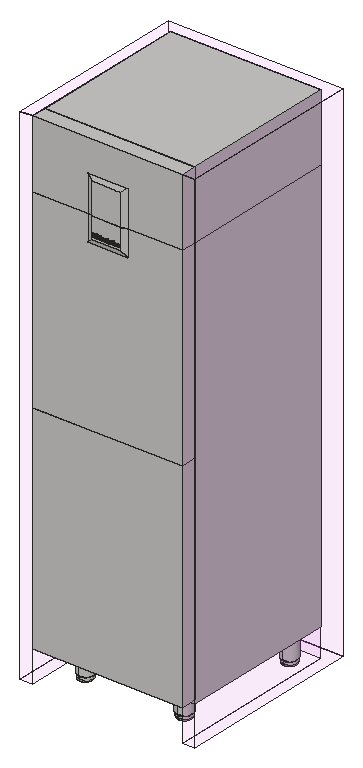
Revit family "QF_ELECTROLUXPROFESSIONAL_691359_PS04RF1FHC", category Specialty Equipment, Revit 2021
Family settings
  Round Connector Dimension = Use Diameter
  Part Type = Normal
  Work Plane-Based = No
  Always vertical = Yes
  Cut with Voids When Loaded = No
  Shared = No
  Room Calculation Point = No
Parameters
  Weight = 120.00 lbm
  Watts = 0 W
  Volts = 220 V
  URL Manufacturer = "http://www.electroluxprofessional.com"
  URL = "http://www.electroluxprofessional.com"
  Steam Supply Size = 0"
  Steam Supply Minimum Pressure = 0.00 psi
  Steam Supply Maximum Pressure = 0.00 psi
  Steam Pounds per Hour = 0
  Show Clearance [instance] = yes
  Refrigeration Suction Line Size = 0"
  Refrigeration Liquid Line Size = 0"
  Refrigerant Compressor Remote = yes
  Phase = 1
  Model = "PS04RF1FHC"
  Manufacturer = "Electrolux Professional"
  Length Actual = 600 mm
  Item Number = "691359"
  Hot Water Size = 0"
  Height Actual = 2070 mm
  HP = "0.5 HP"
  Gas Size = 0"
  Gas KW = 0
  Gas Input Pressure = 0.0 Btu/h
  Direct Waste Size = 0"
  Description = "2½-DOOR DUAL REFRIGERATOR 470L 0/-22°,PROSTORE-R290"
  Depth Actual = 741 mm
  Default Elevation = 0 mm
  Cycle = 50 Hz
  Condensate Return Size = 0"
  Compressed Air Volume = 0 GPM
  Compressed Air Size = 0"
  Compressed Air Pressure = 0.00 psi
  Cold Water Size = 0"
  Accessory = no
Reference planes
  plane 1 "BACK": y = 0
  plane 2: z = 0
  plane 3 "LEFT": x = 0
  plane 4 "RIGHT": x = 600
  plane 5 "FRONT": y = -700
  plane 6 "TOP": z = 2040
  plane 7 "Center Y": x = 300
  plane 8 "Center X": y = -350
  plane 9: x = 102
  plane 10: x = 498
  plane 11: z = 115
  plane 12: z = 86
  plane 13: y = -80
  plane 14: y = -694
  plane 15: y = -1227
  plane 16: y = -630
  plane 17: z = 1770
  plane 18: x = -50
  plane 19: y = 50
  plane 20: x = 650
Forms (mm)
  Extrusion 1, solid, material "QF_Metal - Stainless - Polished"
    sketch origin (0, 0, 0) x (1, 0, 0) y (0, 0, 1)
      loop
        line (0, 2040) -> (0, 1770) -> (600, 1770) -> (600, 2040) -> (0, 2040)
    from 0 to 630
  Extrusion 2, solid, material "QF_Metal - Stainless - Polished"
    sketch origin (0, 0, 0) x (1, 0, 0) y (0, 0, 1)
      loop
        line (0, 1770) -> (0, 115) -> (600, 115) -> (600, 1770) -> (0, 1770)
    from 0 to 630
  Extrusion 3, solid, material "QF_Metal - Stainless - Polished"
    sketch origin (-370, 0, -128) x (1, 0, 0) y (0, 0, 1)
      loop
        circle (450, 1847.083) r 20
    from -7.507 to 0
  Extrusion 4, solid, material "QF_Door-Drawer Clearances", visible <- "Show Clearance", detail levels coarse
    sketch origin (0, 0, 0) x (1, 0, 0) y (0, 1, 0)
      loop
        line (600, -694) -> (0, -694)
        arc (0, -694) -> (187.42, -1087.232) -> (600, -1227) r 559.707
        line (600, -1227) -> (600, -694)
    from 127.536 to 995.399
  Extrusion 5, solid, material "QF_Metal - Stainless - Polished"
    sketch origin (0, 130.478, 0) x (1, 0, 0) y (0, 0, 1)
      loop
        line (0, 2040) -> (0, 1770) -> (600, 1770) -> (600, 2040) -> (0, 2040)
    from 760.478 to 824.478
  Extrusion 6, solid, material "QF_Metal - Stainless - Polished"
    sketch origin (0, 140, 0) x (1, 0, 0) y (0, 0, 1)
      loop
        line (0, 1770) -> (0, 995.399) -> (600, 995.399) -> (600, 1770) -> (0, 1770)
    from 834 to 770
  Revolve 7, solid, material "QF_Metal - Stainless - Polished"
    sketch origin (497.59, -2.833, 0) x (0, 1, 0) y (0, 0, -1)
      loop
        line (-590.954, -115) -> (-553.167, -115) -> (-553.167, 0) -> (-578.757, 0)
        arc (-578.757, 0) -> (-580.973, -2.655) -> (-581.767, -6.021) r 7.527
        line (-581.767, -6.021) -> (-581.767, -17.561) -> (-585.28, -21.074) -> (-585.28, -110.008) -> (-590.954, -110.008) -> (-590.954, -115)
      axis (-553.167, 0) -> (-553.167, -115)
    angle from 0 to 360
  Revolve 8, solid, material "QF_Metal - Stainless - Polished"
    sketch origin (102, -2.833, 0) x (0, 1, 0) y (0, 0, 1)
      loop
        line (-590.954, 115) -> (-590.954, 110.008) -> (-585.28, 110.008) -> (-585.28, 21.074) -> (-581.767, 17.561) -> (-581.767, 6.021)
        arc (-581.767, 6.021) -> (-580.973, 2.655) -> (-578.757, 0) r 7.527
        line (-578.757, 0) -> (-553.167, 0) -> (-553.167, 115) -> (-590.954, 115)
      axis (-553.167, 0) -> (-553.167, 115)
    angle from 0 to 360
  Revolve 9, solid, material "QF_Metal - Stainless - Polished"
    sketch origin (538, -759.167, 0) x (0, -1, 0) y (0, 0, 1)
      loop
        line (-716.954, 115) -> (-716.954, 110.008) -> (-711.28, 110.008) -> (-711.28, 21.074) -> (-707.767, 17.561) -> (-707.767, 6.021)
        arc (-707.767, 6.021) -> (-706.973, 2.655) -> (-704.757, 0) r 7.527
        line (-704.757, 0) -> (-679.167, 0) -> (-679.167, 115) -> (-716.954, 115)
      axis (-679.167, 0) -> (-679.167, 115)
    angle from 0 to 360
  Revolve 10, solid, material "QF_Metal - Stainless - Polished"
    sketch origin (62, -759.167, 0) x (0, -1, 0) y (0, 0, 1)
      loop
        line (-716.954, 115) -> (-716.954, 110.008) -> (-711.28, 110.008) -> (-711.28, 21.074) -> (-707.767, 17.561) -> (-707.767, 6.021)
        arc (-707.767, 6.021) -> (-706.973, 2.655) -> (-704.757, 0) r 7.527
        line (-704.757, 0) -> (-679.167, 0) -> (-679.167, 115) -> (-716.954, 115)
      axis (-679.167, 0) -> (-679.167, 115)
    angle from 0 to 360
  Blend 11, solid, material "QF_Metal - Stainless - Polished"
    base sketch origin (-150, -694, 0) x (1, 0, 0) y (0, 0, 1)
      loop
        line (370, 1914.822) -> (370, 1664.822) -> (530, 1664.822) -> (530, 1914.822) -> (370, 1914.822)
    top sketch origin (-150, -694, 0) x (1, 0, 0) y (0, 0, 1)
      loop
        line (510, 1894.822) -> (390, 1894.822) -> (390, 1684.822) -> (510, 1684.822) -> (510, 1894.822)
    from 0 to 6
  Extrusion 12, void
    sketch origin (-150, -700, 0) x (-1, 0, 0) y (0, 0, 1)
      loop
        line (-370, 1770.997) -> (-530, 1770.997) -> (-530, 1769.003) -> (-370, 1769.003) -> (-370, 1770.997)
    from 0 to 6
  Extrusion 13, solid, material "QF_Door-Drawer Clearances"
    sketch origin (0, 0, 0) x (1, 0, 0) y (0, 1, 0)
      loop
        line (0, -694) -> (0, 0) -> (600, 0) -> (600, -694) -> (650, -694) -> (650, 50) -> (-50, 50) -> (-50, -694) -> (0, -694)
    from 0 to 2040
  Extrusion 14, solid, material "QF_Door-Drawer Clearances", visible <- "Show Clearance", detail levels coarse
    sketch origin (0, 0, 0) x (1, 0, 0) y (0, 1, 0)
      loop
        line (600, -694) -> (0, -694)
        arc (0, -694) -> (187.42, -1087.232) -> (600, -1227) r 559.707
        line (600, -1227) -> (600, -694)
    from 995.399 to 1770
  Extrusion 15, solid, material "QF_Metal - Stainless - Polished"
    sketch origin (0, 140, 0) x (1, 0, 0) y (0, 0, 1)
      loop
        line (0, 995.399) -> (0, 127.536) -> (600, 127.536) -> (600, 995.399) -> (0, 995.399)
    from 834 to 770
Cuts and joins
  Extrusion 12 cuts Extrusion 1
  Extrusion 12 cuts Extrusion 2
  Extrusion 12 cuts Extrusion 5
  Extrusion 12 cuts Extrusion 6
  Extrusion 12 cuts Blend 11
Lines and regions (mm)
  Split face 1
    outline origin (-150, -700, 0) x (1, 0, 0) y (0, 0, 1)
      loop
        line (415, 1894.822) -> (415, 1742.499) -> (485, 1742.499) -> (485, 1894.822)
  symbolic lines
    curve 1: line (0, 0, 0) -> (600, 0, 0)
    curve 2: line (0, -694, 0) -> (0, 0, 0)
    curve 3: line (600, -694, 0) -> (0, -694, 0)
    curve 4: line (600, 0, 0) -> (600, -694, 0)
    curve 5: line (0, -630, 0) -> (600, -630, 0)
    curve 6: line (220, -694, 0) -> (240, -700, 0)
    curve 7: line (240, -700, 0) -> (360, -700, 0)
    curve 8: line (360, -700, 0) -> (380, -694, 0)
  symbolic lines, style "QF_Door-Drawer Clearances"
    curve 9: arc (0, -694, 0) -> (187.42, -1087.232, 0) -> (600, -1227, 0) r 559.707
    curve 10: line (600, -1227, 0) -> (600, -694, 0)
    curve 11: line (0, -694, 0) -> (-50, -694, 0)
    curve 12: line (-50, -694, 0) -> (-50, 50, 0)
    curve 13: line (-50, 50, 0) -> (650, 50, 0)
    curve 14: line (650, 50, 0) -> (650, -694, 0)
    curve 15: line (650, -694, 0) -> (600, -694, 0)
Dimensions and locks
  equal spacing: plane 3 "LEFT", plane 7 "Center Y", plane 4 "RIGHT"
  plane 3 "LEFT" to plane 4 "RIGHT" = 600 mm
  equal spacing: plane 5 "FRONT", plane 8 "Center X", plane 1 "BACK"
  plane 5 "FRONT" to plane 1 "BACK" = 700 mm
  plane 6 "TOP" to level = 2040 mm
  plane 9 to plane 3 "LEFT" = 102 mm
  plane 10 to plane 4 "RIGHT" = 102 mm
  plane 11 to level = 115 mm
  plane 12 to plane 11 = 29 mm
  plane 1 "BACK" to plane 13 = 80 mm
  plane 15 to plane 1 "BACK" = 1227 mm
  plane 3 "LEFT" to Extrusion 4 = 600 mm
  plane 11 to plane 2 = 115 mm
  plane 1 "BACK" to plane 16 = 630 mm
  plane 18 to plane 3 "LEFT" = 50 mm
  plane 4 "RIGHT" to plane 20 = 50 mm
  plane 1 "BACK" to plane 19 = 50 mm
  aligned and locked: level to plane 2
  aligned and locked: Extrusion 5 to plane 4 "RIGHT"
  aligned and locked: Extrusion 5 to plane 3 "LEFT"
  aligned and locked: plane 5 "FRONT" to Blend 11
  aligned and locked: Extrusion 15 to Extrusion 4
  aligned and locked: Extrusion 14 to Extrusion 6
Automatic sketch dimensions
  Extrusion 1 sketch curve to plane 3 "LEFT" = 0 mm
  plane 4 "RIGHT" to Extrusion 1 sketch curve = 0 mm
  Extrusion 1 sketch curve to plane 17 = 0 mm
  Extrusion 1 sketch curve to plane 6 "TOP" = 0 mm
  Extrusion 2 sketch curve to plane 3 "LEFT" = 0 mm
  plane 4 "RIGHT" to Extrusion 2 sketch curve = 0 mm
  Extrusion 2 sketch curve to plane 11 = 0 mm
  Extrusion 2 sketch curve to plane 17 = 0 mm
  Extrusion 3 sketch curve to plane 9 = 22 mm
  Extrusion 3 sketch curve to plane 17 = 50.917 mm
  Extrusion 4 sketch curve to plane 3 "LEFT" = 0 mm
  Extrusion 4 sketch curve to plane 4 "RIGHT" = 0 mm
  Extrusion 4 sketch curve to plane 15 = 0 mm
  plane 14 to Extrusion 4 sketch curve = 0 mm
  Extrusion 4 sketch curve to plane 14 = 25.214 mm
  Extrusion 5 sketch curve to plane 3 "LEFT" = 0 mm
  plane 4 "RIGHT" to Extrusion 5 sketch curve = 0 mm
  Extrusion 5 sketch curve to plane 17 = 0 mm
  Extrusion 5 sketch curve to plane 6 "TOP" = 0 mm
  Extrusion 6 sketch curve to plane 3 "LEFT" = 0 mm
  plane 4 "RIGHT" to Extrusion 6 sketch curve = 0 mm
  Extrusion 6 sketch curve to plane 17 = 0 mm
  plane 11 to Extrusion 6 sketch curve = 880.399 mm
  plane 11 to Revolve 7 sketch curve = 0 mm
  Revolve 7 sketch curve to level = 0 mm
  plane 16 to Revolve 7 sketch curve = 36.213 mm
  Revolve 7 sketch curve to Revolve 7 sketch curve = 5.674 mm
  Revolve 7 sketch curve to Revolve 7 sketch curve = 3.513 mm  (x2)
  Revolve 7 sketch curve to Revolve 7 sketch curve = 3.01 mm
  level to Revolve 7 sketch curve = 6.021 mm
  Revolve 7 sketch curve to Revolve 7 sketch curve = 21.073 mm
  Revolve 7 sketch curve to plane 11 = 4.992 mm  (x2)
  Revolve 7 sketch curve to Revolve 7 sketch curve = 15.053 mm
  Revolve 7 sketch curve to Revolve 7 sketch curve = 0 mm
  Revolve 7 sketch curve to Revolve 7 sketch curve = 20.008 mm
  Revolve 8 sketch curve to plane 11 = 0 mm
  Revolve 8 sketch curve to level = 0 mm
  plane 16 to Revolve 8 sketch curve = 36.213 mm
  Revolve 8 sketch curve to Revolve 8 sketch curve = 5.674 mm
  Revolve 8 sketch curve to Revolve 8 sketch curve = 3.513 mm  (x2)
  Revolve 8 sketch curve to Revolve 8 sketch curve = 3.01 mm
  level to Revolve 8 sketch curve = 6.021 mm
  Revolve 8 sketch curve to Revolve 8 sketch curve = 21.073 mm
  Revolve 8 sketch curve to Revolve 8 sketch curve = 11.54 mm
  Revolve 8 sketch curve to plane 11 = 4.992 mm
  Revolve 8 sketch curve to Revolve 8 sketch curve = 0 mm
  Revolve 8 sketch curve to Revolve 8 sketch curve = 4.992 mm
  plane 11 to Revolve 8 sketch curve = 20.008 mm
  Revolve 9 sketch curve to plane 11 = 0 mm
  Revolve 9 sketch curve to level = 0 mm
  Revolve 9 sketch curve to plane 13 = 0 mm  (x2)
  level to Revolve 9 sketch curve = 6.021 mm
  Revolve 9 sketch curve to plane 13 = 21.073 mm
  Revolve 9 sketch curve to Revolve 9 sketch curve = 4.517 mm
  Revolve 9 sketch curve to Revolve 9 sketch curve = 3.513 mm  (x2)
  Revolve 9 sketch curve to Revolve 9 sketch curve = 5.674 mm
  Revolve 9 sketch curve to Revolve 9 sketch curve = 11.54 mm
  Revolve 9 sketch curve to plane 11 = 4.992 mm
  Revolve 9 sketch curve to Revolve 9 sketch curve = 4.992 mm
  plane 11 to Revolve 9 sketch curve = 20.008 mm
  Revolve 10 sketch curve to plane 11 = 0 mm
  Revolve 10 sketch curve to level = 0 mm
  Revolve 10 sketch curve to plane 13 = 0 mm  (x2)
  Revolve 10 sketch curve to level = 6.021 mm
  plane 13 to Revolve 10 sketch curve = 21.073 mm
  Revolve 10 sketch curve to Revolve 10 sketch curve = 4.517 mm
  Revolve 10 sketch curve to Revolve 10 sketch curve = 3.513 mm  (x2)
  Revolve 10 sketch curve to Revolve 10 sketch curve = 5.674 mm
  Revolve 10 sketch curve to Revolve 10 sketch curve = 11.54 mm
  plane 11 to Revolve 10 sketch curve = 4.992 mm  (x2)
  Revolve 10 sketch curve to Revolve 10 sketch curve = 20.008 mm
  Blend 11 sketch curve to Extrusion 6 = 105.178 mm
  Blend 11 sketch curve to Extrusion 6 = 220 mm
  Blend 11 sketch curve to Blend 11 sketch curve = 160 mm
  Extrusion 6 to Blend 11 sketch curve = 144.822 mm
  Extrusion 6 to Blend 11 sketch curve = 124.822 mm
  Blend 11 sketch curve to Extrusion 6 = 240 mm
  Blend 11 sketch curve to Blend 11 sketch curve = 120 mm
  Blend 11 sketch curve to Extrusion 6 = 85.178 mm
  Split face 1 sketch curve to Blend 11 = 0 mm  (x2)
  Split face 1 sketch curve to Blend 11 = 25 mm  (x2)
  Split face 1 sketch curve to Blend 11 = 57.677 mm
  Extrusion 12 sketch curve to Blend 11 = 20 mm  (x2)
  Blend 11 to Extrusion 12 sketch curve = 84.181 mm
  Extrusion 12 sketch curve to Extrusion 12 sketch curve = 1.995 mm
  Extrusion 13 sketch curve to plane 18 = 0 mm
  plane 1 "BACK" to Extrusion 13 sketch curve = 0 mm
  Extrusion 13 sketch curve to plane 3 "LEFT" = 0 mm
  Extrusion 13 sketch curve to plane 4 "RIGHT" = 0 mm
  Extrusion 13 sketch curve to plane 19 = 0 mm
  Extrusion 13 sketch curve to plane 20 = 0 mm
  plane 14 to Extrusion 13 sketch curve = 0 mm  (x2)
  curve 13 to plane 18 = 0 mm
  curve 3 to plane 3 "LEFT" = 0 mm
  plane 5 "FRONT" to curve 7 = 0 mm
  curve 9 to plane 4 "RIGHT" = 0 mm
  curve 15 to plane 4 "RIGHT" = 0 mm
  plane 14 to curve 14 = 0 mm
  curve 14 to plane 20 = 0 mm
  curve 10 to plane 15 = 0 mm
  curve 5 to plane 16 = 0 mm
  plane 1 "BACK" to curve 4 = 0 mm
  curve 13 to plane 19 = 0 mm
  curve 7 to plane 7 "Center Y" = 60 mm
  plane 7 "Center Y" to curve 8 = 60 mm
  curve 9 to plane 14 = 25.214 mm
  curve 6 to curve 6 = 20 mm
  curve 7 to curve 8 = 20 mm
  Extrusion 14 sketch curve to plane 3 "LEFT" = 0 mm
  Extrusion 14 sketch curve to plane 4 "RIGHT" = 0 mm
  Extrusion 14 sketch curve to plane 15 = 0 mm
  plane 14 to Extrusion 14 sketch curve = 0 mm
  Extrusion 14 sketch curve to plane 14 = 25.214 mm
  Extrusion 15 sketch curve to plane 3 "LEFT" = 0 mm
  plane 4 "RIGHT" to Extrusion 15 sketch curve = 0 mm
  Extrusion 15 sketch curve to plane 17 = 774.601 mm
  plane 11 to Extrusion 15 sketch curve = 12.536 mm
  radius of Extrusion 3 sketch curve = 20 mm
Nested families
  nested 1: "ELX_Logo_S" at (300.625, -700, 1704.375) x (1, 0, 0) z (0, -1, 0), type "ELX_Logo_S"
Connectors
  electrical at (80, 7.507, 1719.083), driven by "Volts"
    settings: on Extrusion 3, index 2, voltage 220 V, apparent load 0 VA, apparent load phase1 0 VA, apparent load phase2 0 VA, apparent load phase3 0 VA, power factor 1, load classification "Other", number of poles 1, system type 30, power factor state 1, is connector primary yes, connector utility no, sub classification motor no, connector description "Electrical Connection"
Definition of nested family "ELX_Logo_S"
  Parameters (values of type "ELX_Logo_S")
    Default Elevation = 0 mm
  Reference planes
    plane 1 "Centro (Fronte/Retro)": y = 0
    plane 2: z = 0
    plane 3 "Centro (Sinistra/Destra)": x = 0
  Forms (mm)
    Extrusion 1, solid
      sketch origin (0, 0, 0) x (1, 0, 0) y (0, 1, 0)
        loop
          line (-1219.2, 1219.2) -> (-1219.2, -1219.2) -> (1219.2, -1219.2) -> (1219.2, 1219.2) -> (-1219.2, 1219.2)
      from 0 to -304.8
    Extrusion 2, solid
      sketch origin (0, 0, 0) x (1, 0, 0) y (0, 1, 0)
        loop
          line (-43.793, 5.912) -> (-43.793, -6.455)
          arc (-43.793, -6.455) -> (-39.222, -0.272) -> (-43.793, 5.912) r 6.467
        loop
          arc (-44.422, 5.912) -> (-49.565, 4.743) -> (-52.043, 0.087) r 6.338
          line (-52.043, 0.087) -> (-49.997, 0.087)
          arc (-49.997, 0.087) -> (-46.342, 1.57) -> (-44.422, 5.016) r 5.941
          line (-44.422, 5.016) -> (-44.422, 5.912)
        loop
          arc (-44.422, -5.559) -> (-46.342, -2.114) -> (-49.997, -0.63) r 5.941
          line (-49.997, -0.63) -> (-52.043, -0.63)
          arc (-52.043, -0.63) -> (-49.569, -5.324) -> (-44.422, -6.614) r 6.504
          line (-44.422, -6.614) -> (-44.422, -5.559)
        loop
          line (-52.512, 6.586) -> (-52.512, -7.158) -> (-38.749, -7.158) -> (-38.749, 6.586) -> (-52.512, 6.586)
        loop
          arc (-35.782, 6.67) -> (-36.139, 6.322) -> (-35.801, 5.955) r 0.358
          arc (-35.801, 5.955) -> (-35.051, 5.641) -> (-34.666, 4.924) r 1.216
          line (-34.666, 4.924) -> (-34.666, -5.488)
          arc (-34.666, -5.488) -> (-34.944, -6.148) -> (-35.54, -6.544) r 1.238
          arc (-35.54, -6.544) -> (-35.791, -6.939) -> (-35.437, -7.244) r 0.358
          line (-35.437, -7.244) -> (-25.558, -7.244) -> (-25.558, -4.494) -> (-26.455, -4.494)
          arc (-26.455, -4.494) -> (-27.035, -5.403) -> (-28.012, -5.858) r 1.928
          line (-28.012, -5.858) -> (-30.511, -5.858)
          arc (-30.511, -5.858) -> (-31.24, -5.583) -> (-31.604, -4.894) r 1.101
          line (-31.604, -4.894) -> (-31.604, -0.808) -> (-27.931, -0.808)
          arc (-27.931, -0.808) -> (-27.434, -1.16) -> (-27.206, -1.725) r 1.083
          arc (-27.206, -1.725) -> (-26.9, -1.989) -> (-26.622, -1.697) r 0.292
          line (-26.622, -1.697) -> (-26.622, 1.265)
          arc (-26.622, 1.265) -> (-26.895, 1.568) -> (-27.225, 1.329) r 0.305
          arc (-27.225, 1.329) -> (-27.473, 0.839) -> (-27.931, 0.534) r 1.083
          line (-27.931, 0.534) -> (-31.604, 0.534) -> (-31.604, 5.211) -> (-27.857, 5.211)
          arc (-27.857, 5.211) -> (-27.101, 4.997) -> (-26.603, 4.39) r 1.314
          arc (-26.603, 4.39) -> (-26.199, 4.171) -> (-25.907, 4.526) r 0.361
          line (-25.907, 4.526) -> (-25.907, 6.67) -> (-35.782, 6.67)
        loop
          arc (-25.126, 5.953) -> (-24.207, 5.572) -> (-23.827, 4.654) r 1.299
          line (-23.827, 4.654) -> (-23.827, -4.925)
          arc (-23.827, -4.925) -> (-24.205, -5.763) -> (-25.083, -6.035) r 1.118
          line (-25.083, -6.035) -> (-25.083, -7.244) -> (-19.733, -7.244) -> (-19.733, -6.056)
          arc (-19.733, -6.056) -> (-20.65, -5.784) -> (-21.046, -4.914) r 1.153
          line (-21.046, -4.914) -> (-21.046, 7.158) -> (-25.126, 5.953)
        loop
          line (-17.097, -2.28) -> (-10.65, -2.28) -> (-10.65, -1.481)
          arc (-10.65, -1.481) -> (-11.634, 1.1) -> (-14.088, 2.369) r 3.874
          line (-14.088, 2.369) -> (-15.848, 2.369)
          arc (-15.848, 2.369) -> (-18.713, 1.182) -> (-19.899, -1.682) r 4.051
          line (-19.899, -1.682) -> (-19.899, -3.691)
          arc (-19.899, -3.691) -> (-18.414, -6.509) -> (-15.407, -7.561) r 4.352
          arc (-15.407, -7.561) -> (-12.944, -7.196) -> (-10.87, -5.819) r 5.713
          line (-10.87, -5.819) -> (-10.87, -4.87)
          arc (-10.87, -4.87) -> (-12.439, -5.603) -> (-14.157, -5.819) r 5.579
          arc (-14.157, -5.819) -> (-16.12, -5.025) -> (-17.097, -3.146) r 3.057
          line (-17.097, -3.146) -> (-17.097, -2.28)
        loop
          line (-17.097, -1.02) -> (-13.515, -1.02)
          arc (-13.515, -1.02) -> (-13.468, 0.436) -> (-14.627, 1.319) r 1.59
          line (-14.627, 1.319) -> (-15.457, 1.319)
          arc (-15.457, 1.319) -> (-16.712, 0.455) -> (-17.097, -1.02) r 2.184
        loop
          arc (-1.232, 1.771) -> (-2.906, 2.259) -> (-4.643, 2.417) r 9.023
          line (-4.643, 2.417) -> (-6.005, 2.417)
          arc (-6.005, 2.417) -> (-8.805, 1.257) -> (-9.965, -1.542) r 3.959
          line (-9.965, -1.542) -> (-9.965, -4.142)
          arc (-9.965, -4.142) -> (-8.672, -6.424) -> (-6.299, -7.541) r 4.331
          line (-6.299, -7.541) -> (-4.164, -7.541)
          arc (-4.164, -7.541) -> (-2.614, -7.033) -> (-1.268, -6.112) r 5.772
          arc (-1.268, -6.112) -> (-1.217, -5.35) -> (-1.976, -5.263) r 0.553
          arc (-1.976, -5.263) -> (-2.71, -5.651) -> (-3.529, -5.785) r 2.573
          line (-3.529, -5.785) -> (-5.044, -5.785)
          arc (-5.044, -5.785) -> (-6.686, -4.779) -> (-7.328, -2.965) r 2.884
          line (-7.328, -2.965) -> (-7.328, -1.686)
          arc (-7.328, -1.686) -> (-6.768, 0.135) -> (-5.103, 1.062) r 2.554
          line (-5.103, 1.062) -> (-4.05, 1.062)
          arc (-4.05, 1.062) -> (-3.122, 0.73) -> (-2.387, 0.073) r 2.564
          arc (-2.387, 0.073) -> (-1.67, -0.148) -> (-1.232, 0.461) r 0.643
          line (-1.232, 0.461) -> (-1.232, 1.771)
        loop
          line (-0.962, 0.752) -> (0.539, 0.752) -> (0.539, -5.296)
          arc (0.539, -5.296) -> (1.197, -6.884) -> (2.785, -7.541) r 2.246
          line (2.785, -7.541) -> (4.369, -7.541)
          arc (4.369, -7.541) -> (5.233, -7.228) -> (6.005, -6.727) r 4.06
          arc (6.005, -6.727) -> (6.138, -5.995) -> (5.437, -5.743) r 0.576
          arc (5.437, -5.743) -> (4.911, -5.849) -> (4.379, -5.785) r 1.69
          arc (4.379, -5.785) -> (3.591, -5.244) -> (3.288, -4.337) r 1.506
          line (3.288, -4.337) -> (3.288, 0.801) -> (5.685, 0.801) -> (6.241, 1.357) -> (6.241, 2.179) -> (3.382, 2.179) -> (3.382, 5.41) -> (-0.962, 0.752)
        loop
          line (7.139, -7.324) -> (12.526, -7.324) -> (12.526, -6.214)
          arc (12.526, -6.214) -> (11.575, -5.82) -> (11.181, -4.869) r 1.345
          line (11.181, -4.869) -> (11.181, -1.253)
          arc (11.181, -1.253) -> (11.773, -0.488) -> (12.695, -0.199) r 1.615
          line (12.695, -0.199) -> (14.251, -0.199) -> (14.936, 2.357) -> (13.553, 2.357) -> (10.994, 0.414) -> (10.994, 2.295) -> (8.288, 2.01)
          arc (8.288, 2.01) -> (7.758, 1.571) -> (7.959, 0.912) r 0.621
          arc (7.959, 0.912) -> (8.301, 0.512) -> (8.484, 0.018) r 1.501
          line (8.484, 0.018) -> (8.484, -4.869)
          arc (8.484, -4.869) -> (8.09, -5.82) -> (7.139, -6.214) r 1.345
          line (7.139, -6.214) -> (7.139, -7.324)
        loop
          line (14.473, -1.222) -> (14.473, -3.914)
          arc (14.473, -3.914) -> (15.781, -6.36) -> (18.311, -7.494) r 4.288
          arc (18.311, -7.494) -> (19.692, -7.557) -> (21.072, -7.494) r 15.022
          arc (21.072, -7.494) -> (23.603, -6.36) -> (24.91, -3.914) r 4.288
          line (24.91, -3.914) -> (24.91, -1.222)
          arc (24.91, -1.222) -> (23.603, 1.223) -> (21.072, 2.357) r 4.288
          arc (21.072, 2.357) -> (19.692, 2.421) -> (18.311, 2.357) r 15.022
          arc (18.311, 2.357) -> (15.781, 1.223) -> (14.473, -1.222) r 4.288
        loop
          line (17.587, -1.017) -> (17.587, -4.119)
          arc (17.587, -4.119) -> (19.744, -6.276) -> (21.901, -4.119) r 2.157
          line (21.901, -4.119) -> (21.901, -1.017)
          arc (21.901, -1.017) -> (19.744, 1.14) -> (17.587, -1.017) r 2.157
        loop
          arc (24.768, 5.964) -> (25.662, 5.593) -> (26.033, 4.699) r 1.264
          line (26.033, 4.699) -> (26.033, -5.165)
          arc (26.033, -5.165) -> (25.636, -6.035) -> (24.72, -6.307) r 1.153
          line (24.72, -6.307) -> (24.72, -7.244) -> (29.828, -7.244) -> (29.828, -6.316)
          arc (29.828, -6.316) -> (29.056, -5.957) -> (28.741, -5.165) r 1.153
          line (28.741, -5.165) -> (28.741, 7.158) -> (24.768, 5.964)
        loop
          arc (29.365, 1.084) -> (30.43, 0.885) -> (30.912, -0.085) r 1.215
          line (30.912, -0.085) -> (30.912, -5.105)
          arc (30.912, -5.105) -> (31.559, -6.719) -> (33.142, -7.44) r 2.338
          line (33.142, -7.44) -> (34.657, -7.44)
          arc (34.657, -7.44) -> (35.661, -7.266) -> (36.547, -6.763) r 2.979
          line (36.547, -6.763) -> (38.344, -7.244) -> (40.032, -7.244) -> (40.032, 2.181) -> (35.829, 1.887) -> (35.829, 1.101)
          arc (35.829, 1.101) -> (36.665, 0.745) -> (37.174, -0.007) r 1.605
          line (37.174, -0.007) -> (37.174, -5.11)
          arc (37.174, -5.11) -> (36.237, -5.531) -> (35.213, -5.603) r 2.94
          arc (35.213, -5.603) -> (34.112, -5.042) -> (33.669, -3.889) r 1.724
          line (33.669, -3.889) -> (33.669, 2.307) -> (29.365, 1.084)
        loop
          line (40.886, 2.112) -> (42.932, 0.44) -> (45.238, -2.734) -> (42.126, -6.191)
          arc (42.126, -6.191) -> (41.732, -6.428) -> (41.273, -6.405) r 0.789
          line (41.273, -6.405) -> (41.273, -7.244) -> (44.818, -7.244) -> (44.818, -6.418)
          arc (44.818, -6.418) -> (44.456, -6.076) -> (44.548, -5.586) r 0.52
          line (44.548, -5.586) -> (46.019, -3.786) -> (47.394, -5.904)
          arc (47.394, -5.904) -> (47.084, -6.305) -> (46.585, -6.392) r 0.7
          line (46.585, -6.392) -> (46.585, -7.244) -> (52.512, -7.244) -> (52.512, -6.358)
          arc (52.512, -6.358) -> (51.853, -6.291) -> (51.322, -5.896) r 1.247
          line (51.322, -5.896) -> (48.041, -1.696) -> (50.094, 0.751) -> (51.836, 2.112) -> (48.112, 2.112) -> (48.535, 0.627) -> (47.258, -0.895) -> (46.068, 0.806) -> (46.844, 2.112) -> (40.886, 2.112)
      from 0 to 1.644
  Dimensions and locks
    aligned and locked: plane 2 to Extrusion 1
    aligned and locked: level to Extrusion 1
